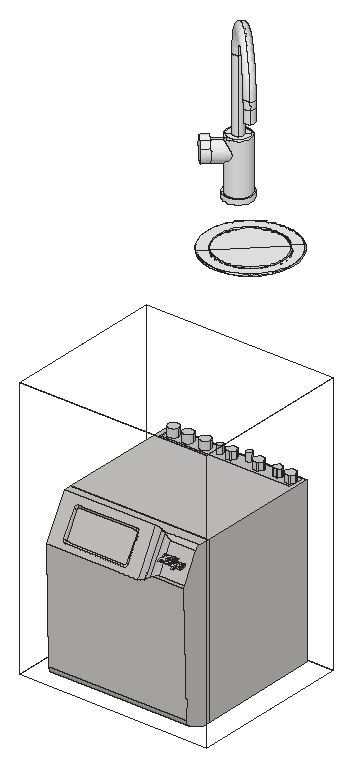
Revit family "PlumFixt_Zip Australia_Design Arc_BA", category Plumbing Fixtures, Revit 2015
Parameters (values of type "Bright Chrome")
  Waste Outlet Void = if(Font, -200 mm, 50 mm)  # -200 mm
  Waste Connection = yes
  UnderBench Top Offset [instance] = 800 mm
  UnderBench Left & Right Offset [instance] = 0 mm
  UnderBench Front & Back Offset [instance] = 0 mm
  URL = "https://www.zipwater.com"
  Type Comments = "HydroTap Arc BA - Bright Chrome"
  Tap Rotation [instance] = 45.00°
  Tap = z_PlumFixt_Zip Australia_Arc : Bright Chrome
  Required Space = yes
  Offset Right [instance] = if(UnderBench Left & Right Offset > 0 mm, UnderBench Left & Right Offset, 0 mm)  # 0 mm
  Offset Left [instance] = if(UnderBench Left & Right Offset < 0 mm, abs(UnderBench Left & Right Offset), 0 mm)  # 0 mm
  Offset Forward [instance] = if(UnderBench Front & Back Offset > 0 mm, UnderBench Front & Back Offset, 0 mm)  # 0 mm
  Offset Back [instance] = if(UnderBench Front & Back Offset < 0 mm, abs(UnderBench Front & Back Offset), 0 mm)  # 0 mm
  ModifiedIssue_ANZRS = 20171207
  Model = "HT2785 - Bright Chrome"
  Manufacturer_URL__Product Specific = "https://www.zipwater.com/shop/hydrotap/zip-hydrotap-arc-ba-ht2785"
  Manufacturer_Spec Code = "HT2785"
  Manufacturer_Overall Width = 280 mm  # constant formula
  Manufacturer_Overall Height = 333 mm  # constant formula
  Manufacturer_Overall Depth = 313 mm  # constant formula
  Manufacturer_Height From FFL [instance] = 900 mm
  Manufacturer = "Zip Australia"  # constant formula
  Font = yes
  Filter Material = z_Zip_Stainless Steel
  Connection Materials = none
  CW Connection = yes
  Description = "Zip HydroTap Design Range Boiling, Ambient, Filtered water appliance featuring a single under bench command centre including full colour interactive touch screen display with pin code protection, boiling water safety mode, 3 energy saving modes including sensor activated sleep when its dark and 0.2 micron water filtration."  # constant formula
  CreatedBy_ANZRS = "UNIFI Labs"  # constant formula
  CreatedByURL_ANZRS = "http://www.unifilabs.com/"
Reference planes
  plane 1 "Ref. Level": z = 0
  plane 2 "Center (Left/Right)": x = 1
  plane 3 "UnderBench Bottom": z = 100
  plane 4 "UnderBench Top": z = 433
  plane 5 "Placement Back Plane": y = 115.5
  plane 6 "Bottom": z = 900
  plane 7 "Top": z = 1253
  plane 8 "Forward Offset": y = 115.5
  plane 9 "Center (Front/Back)": y = -41
  plane 10 "Front": y = -197.5
  plane 11 "Left": x = -139
  plane 12 "Placement Plane Centre Left/Right": x = 1
  plane 13 "Right": x = 141
  plane 14 "Back": y = 115.5
  plane 15 "Centre Plane": x = 1
Forms (mm)
  Extrusion 1, void
    sketch origin (1, 115.5, 900) x (0.707107, -0.707107, 0) y (0.707107, 0.707107, 0)
      loop
        circle (172, 0) r 68.2
    from -200 <- "Waste Outlet Void" to 100
  Extrusion 2, void
    sketch origin (1, 115.5, 900) x (0.707107, -0.707107, 0) y (0.707107, 0.707107, 0)
      loop
        circle (0, 0) r 24
    from -200 to 100
Lines and regions (mm)
  symbolic lines, style "Required Space"
    curve 1: line (1, 120.5, 633) -> (1, -203.33, 633)
    curve 2: line (1, 120.5, 100) -> (1, 120.5, 633)
    curve 3: line (1, -203.33, 100) -> (1, 120.5, 100)
    curve 4: line (1, -203.33, 633) -> (1, -203.33, 100)
  reference lines
    curve 5: line (1, 115.5, 900) -> (181.312, -64.812, 900)
Text (mm)
  text "Disclaimer:\n\nDue to ongoing product development and manufacturing evolution, product details are subject to change without notice.\n\nPlease refer to product technical data sheets on https://www.zipwater.com/ for the most current product information. Please allow a +/- 5mm tolerance for dimensions and set-outs shown in product literature.\n\n© 2018 Zip Water Australia" at (273.375, 120.476, 0), in view "Ref. Level_Instruction"
Dimensions and locks
  "Manufacturer_Height From FFL": plane 6 "Bottom" to plane 1 "Ref. Level"
  plane 7 "Top" to plane 6 "Bottom" = 353 mm
  "UnderBench Top Offset": plane 6 "Bottom" to plane 3 "UnderBench Bottom"
  "Manufacturer_Overall Height": plane 4 "UnderBench Top" to plane 3 "UnderBench Bottom"
  "Manufacturer_Overall Width": plane 11 "Left" to plane 13 "Right"
  equal spacing: plane 14 "Back", plane 9 "Center (Front/Back)", plane 10 "Front"
  "Manufacturer_Overall Depth": plane 14 "Back" to plane 10 "Front"
  "Offset Back": plane 14 "Back" to plane 8 "Forward Offset"
  "Offset Forward": plane 5 "Placement Back Plane" to plane 8 "Forward Offset"
  "Offset Right": plane 2 "Center (Left/Right)" to plane 12 "Placement Plane Centre Left/Right"
  "Offset Left": plane 15 "Centre Plane" to plane 12 "Placement Plane Centre Left/Right"
  equal spacing: plane 11 "Left", plane 15 "Centre Plane", plane 13 "Right"
  "Tap Rotation": angle plane 2 "Center (Left/Right)" to curve 5
  aligned and locked: plane 5 "Placement Back Plane" to curve 5
  aligned and locked: plane 2 "Center (Left/Right)" to curve 5
  aligned and locked: curve 5 to nested 1
  aligned and locked: plane 3 "UnderBench Bottom" to nested 2
  aligned and locked: plane 9 "Center (Front/Back)" to nested 2
  aligned and locked: plane 15 "Centre Plane" to nested 2
  aligned and locked: nested 2 to curve 1
Automatic sketch dimensions
  curve 3 to plane 3 "UnderBench Bottom" = 0 mm
  plane 5 "Placement Back Plane" to curve 3 = 5 mm
  curve 4 to plane 5 "Placement Back Plane" = 318.83 mm
  curve 5 to Extrusion 1 sketch curve = 0 mm
  Extrusion 1 sketch curve to curve 5 = 83 mm
  Extrusion 2 sketch curve to curve 5 = 0 mm  (x2)
  radius of Extrusion 1 sketch curve = 68.2 mm
  radius of Extrusion 2 sketch curve = 24 mm
Nested families
  nested 1: "z_PlumFixt_Zip Australia_Arc" at (50.144, 40.9, 900) x (0.7071, 0.7071, 0) z (0, 0, 1), type <- "Tap", Font <- "Font", type "Bright Chrome"
    with Waste Outlet Void -50 mm, Font yes
  nested 2: "z_PlumFixt_Zip_Classic-Design_BA" at (0, 0, 100), type "280w x 313d x 333h"
  nested 3: "z_PlumFixt_Zip Australia_Font" at (132.522, -17.436, 900) x (0.7071, 0.7071, 0) z (0, 0, 1), type "Bright Chrome"
Connectors
  piping at (-116.338, 96.505, 448), diameter 12.7, driven by "CW Connection"
    settings: on nested 2, index 1, connector inside diameter 609.6 mm, connector length 0 mm, flow factor 0, pipe flow 0.0 L/s, pressure drop 0.0 Pa, fitting loss kfactor 0, connector angle 0.00°, fixture units 0, engagement length 0 mm, angle of deflection 0.00°, flow configuration 2, flow direction 1, fitting loss method 4, system type 20, joint type 0, gender type 0, connector reference index -1, connector utility 1, adjustable connector no, is connector primary yes, connector description "Cold Water Supply"
  electrical at (122.962, 96.16, 448)
    settings: on nested 2, index 2, voltage 240 V, apparent load 0 VA, apparent load phase1 0 VA, apparent load phase2 0 VA, apparent load phase3 0 VA, power factor 1, load classification "Other", number of poles 1, system type 30, power factor state 1, is connector primary yes, connector utility no, sub classification motor no, connector description "Electrical Connection"
Definition of nested family "z_PlumFixt_Zip Australia_Arc"
  Parameters (values of type "Bright Chrome")
    Waste Outlet Void [instance] = if(Font, -50 mm, 50 mm)  # -50 mm
    Waste Connection = no
    Vent Connection = no
    URL = "https://www.zipwater.com/"
    Type Comments = ""
    ModifiedIssue_ANZRS = 20170718
    Model = "Bright Chrome - Z0"
    Manufacturer_URL__Product Specific = "https://www.zipwater.com/products/hydrotap-range"
    Manufacturer_Spec Code = "Z0"
    Manufacturer_Overall Width = 90 mm  # constant formula
    Manufacturer_Overall Height = 353 mm  # constant formula
    Manufacturer_Overall Depth = 200 mm  # constant formula
    Manufacturer = "Zip Australia"  # constant formula
    HW Connection = yes
    Font Type = z_PlumFixt_Zip Australia_Font : Bright Chrome
    Font [instance] = yes
    Description = ""
    Default Elevation = 0 mm
    CreatedBy_ANZRS = "UNIFI Labs"  # constant formula
    CreatedByURL_ANZRS = "http://www.unifilabs.com/"
    Fixture Material = none
    CW Connection = yes
  Types (12, lengths in mm): name | Model | Manufacturer_Spec Code | Font Type
    Bright Chrome | "Bright Chrome - Z0" | "Z0" | z_PlumFixt_Zip Australia_Font : Bright Chrome
    Brushed Chrome | "Brushed Chrome  - Z1" | "Z1" | z_PlumFixt_Zip Australia_Font : Brushed Chrome
    Gloss Black | "Gloss Black  - Z2" | "Z2" | z_PlumFixt_Zip Australia_Font : Gloss Black
    Matte Black | "Matte Black  - Z3" | "Z3" | z_PlumFixt_Zip Australia_Font : Matte Black
    Rose Gold | "Rose Gold  - Z4" | "Z4" | z_PlumFixt_Zip Australia_Font : Rose Gold
    Brushed Rose Gold | "Brushed Rose Gold - Z5" | "Z5" | z_PlumFixt_Zip Australia_Font : Brushed Rose Gold
    Gold | "Gold - Z6" | "Z6" | z_PlumFixt_Zip Australia_Font : Gold
    Brushed Gold | "Brushed Gold - Z7" | "Z7" | z_PlumFixt_Zip Australia_Font : Brushed Gold
    Platinum | "Platinum - Z8" | "Z8" | z_PlumFixt_Zip Australia_Font : Platinum
    Gunmetal | "Gunmetal - Z9" | "Z9" | z_PlumFixt_Zip Australia_Font : Gunmetal
    Nickel | "Nickel - Z10" | "Z10" | z_PlumFixt_Zip Australia_Font : Nickel
    Brushed Nickel | "Brushed Nickel - Z11" | "Z11" | z_PlumFixt_Zip Australia_Font : Brushed Nickel
  Reference planes
    plane 1 "Ref. Level": z = 0
    plane 2 "Center (Left/Right)": x = 18
    plane 3 "Right": x = 46
    plane 4 "Left": x = -44
    plane 5 "Bottom": z = 0
    plane 6 "Top": z = 353
    plane 7 "Center (Front/Back)": y = 15.5
    plane 8 "Front": y = -84.5
    plane 9 "Center of Tap": y = 87.5
    plane 10 "Back": y = 115.5
    plane 11 "Center (Elevation)": z = 115
  Forms (mm)
    Revolve 1, solid, material <- "Fixture Material"
      sketch origin (0, 87.5, 0) x (-1, 0, 0) y (0, 0, 1)
        loop
          line (-18, 0) -> (-18, 115) -> (-40, 115)
          arc (-40, 115) -> (-41.414, 114.414) -> (-42, 113) r 2
          line (-42, 113) -> (-42, 10) -> (-46, 10) -> (-46, 0) -> (-18, 0)
        axis (-18, 0) -> (-18, 115)
      angle from 0 to 360
    Sweep 2, solid, material <- "Fixture Material"
      path origin (18, 0, 0) x (0, 1, 0) y (0, 0, 1)
        loop
          line (87.5, 115) -> (87.5, 262.756)
          arc (87.5, 262.756) -> (9.498, 342.771) -> (-72.478, 266.832) r 80.041
          line (-72.478, 266.832) -> (-73.205, 252.565)
      profile origin (18, 87.5, 188.878) x (0, -1, 0) y (1, 0, 0)
        loop
          circle (0, 0) r 10
    Revolve 3, solid, material <- "Fixture Material"
      sketch origin (18, 0, 2.317) x (0, 1, 0) y (0, 0, 1)
        loop
          line (-73.205, 250.248) -> (-74.602, 222.864) -> (-69.611, 222.609) -> (-69.519, 224.421) -> (-64.529, 224.167) -> (-63.301, 248.241) -> (-64.3, 248.292) -> (-64.224, 249.79) -> (-73.205, 250.248)
        axis (-74.602, 222.864) -> (-73.205, 250.248)
      angle from 0 to 360
    Sweep 4, solid, material <- "Fixture Material"
      path origin (0, 87.5, 0) x (-1, 0, 0) y (0, 0, 1)
        loop
          line (44, 85) -> (29, 85)
      profile origin (-36.5, 87.5, 85) x (0, 0, -1) y (0, 1, 0)
        loop
          line (-13.98, 16.906) -> (-25.119, 9.266)
          arc (-25.119, 9.266) -> (-30, 0) -> (-25.119, -9.266) r 11.236
          line (-25.119, -9.266) -> (-13.98, -16.906)
          arc (-13.98, -16.906) -> (18.115, 0) -> (-13.98, 16.906) r 20.5
    Revolve 5, solid, material <- "Fixture Material"
      sketch origin (0, 87.5, 0) x (-1, 0, 0) y (0, 0, 1)
        loop
          line (29, 86.885) -> (29, 105.43) -> (27.498, 105.43) -> (27.498, 106.885) -> (-18, 106.885) -> (-18, 86.885) -> (29, 86.885)
        axis (29, 86.885) -> (-18, 86.885)
      angle from 0 to 360
    Extrusion 6, solid, material <- "Fixture Material"
      sketch origin (0, 0, 0) x (-1, 0, 0) y (0, -1, 0)
        loop
          circle (-10.65, -87.5) r 6.35
        loop
          circle (-25.35, -87.5) r 6.35
      from 0 to -1
  Lines and regions (mm)
    Masking region 1
      outline origin (0, 0, 0) x (1, 0, 0) y (0, 1, 0)
        loop
          line (-1.596, 107.5) -> (-27.498, 107.5) -> (-27.498, 106.045) -> (-29, 106.045) -> (-29, 108) -> (-44, 108) -> (-44, 67) -> (-29, 67) -> (-29, 68.955) -> (-27.498, 68.955) -> (-27.498, 67.5) -> (-1.596, 67.5)
          arc (-1.596, 67.5) -> (2.886, 63.93) -> (8, 61.347) r 28
          line (8, 61.347) -> (8, -74.499)
          arc (8, -74.499) -> (18, -84.499) -> (28, -74.499) r 10
          line (28, -74.499) -> (28, 61.347)
          arc (28, 61.347) -> (41.57, 102.614) -> (-1.596, 107.5) r 28
    Masking region 2
      outline origin (0, -84.5, 0) x (-1, 0, 0) y (0, 0, 1)
        loop
          line (10, 2.756) -> (10, 10) -> (6, 10) -> (6, 66.885) -> (27.498, 66.885) -> (27.498, 68.34) -> (29, 68.34) -> (29, 66.885) -> (44, 66.885) -> (44, 115) -> (29, 115) -> (29, 105.43) -> (27.498, 105.43) -> (27.498, 106.885) -> (6, 106.885) -> (6, 113)
          arc (6, 113) -> (5.414, 114.414) -> (4, 115) r 2
          line (4, 115) -> (-8, 115) -> (-8, 343)
          arc (-8, 343) -> (-18, 353) -> (-28, 343) r 10
          line (-28, 343) -> (-28, 115) -> (-40, 115)
          arc (-40, 115) -> (-41.414, 114.414) -> (-42, 113) r 2
          line (-42, 113) -> (-42, 10) -> (-46, 10) -> (-46, 2.756) -> (10, 2.756)
    Masking region 3
      outline origin (-44, 0, 0) x (0, -1, 0) y (0, 0, 1)
        loop
          line (-59.5, 0) -> (-59.5, 10) -> (-63.5, 10) -> (-63.5, 113)
          arc (-63.5, 113) -> (-64.086, 114.414) -> (-65.5, 115) r 2
          line (-65.5, 115) -> (-77.5, 115) -> (-77.5, 262.835)
          arc (-77.5, 262.835) -> (-9.245, 332.851) -> (62.487, 266.402) r 70.039
          line (62.487, 266.402) -> (63.218, 252.056) -> (64.224, 252.107) -> (64.3, 250.609) -> (63.301, 250.558) -> (64.529, 226.484) -> (69.519, 226.739) -> (69.611, 224.927) -> (79.592, 225.436) -> (79.499, 227.247) -> (84.49, 227.502) -> (83.262, 251.576) -> (82.263, 251.525) -> (82.187, 253.023) -> (83.192, 253.075) -> (82.457, 267.491)
          arc (82.457, 267.491) -> (-9.756, 352.913) -> (-97.5, 262.906) r 90.037
          line (-97.5, 262.906) -> (-97.5, 115) -> (-109.5, 115)
          arc (-109.5, 115) -> (-110.914, 114.414) -> (-111.5, 113) r 2
          line (-111.5, 113) -> (-111.5, 10) -> (-115.5, 10) -> (-115.5, 0) -> (-59.5, 0)
    symbolic lines, detail levels fine
      curve 1: line (-29, 106.045, 0) -> (-29, 68.955, 0)
      curve 6: arc (28, 65.683, 0) -> (18, 111.5, 0) -> (8, 65.683, 0) r 24
      curve 7: arc (8, -74.499, 0) -> (18, -82.57, 0) -> (28, -74.499, 0) r 10.231
      curve 8: line (-29, -84.5, 105.43) -> (-29, -84.5, 68.34)
      curve 10: arc (-6, -84.5, 106.885) -> (1.639, -84.5, 86.885) -> (-6, -84.5, 66.885) r 30
      curve 11: line (8, -84.5, 115) -> (28, -84.5, 115)
      curve 13: line (9.017, -84.5, 250.955) -> (9.017, -84.5, 252.662)
      curve 15: spline (13.003, -84.5, 225.181) -> (13.174, -84.5, 225.115) -> (13.673, -84.5, 225.054) -> (14.467, -84.5, 225.001) -> (15.502, -84.5, 224.961) -> (16.707, -84.5, 224.936) -> (18, -84.5, 224.927) -> (19.293, -84.5, 224.936) -> (20.498, -84.5, 224.961) -> (21.533, -84.5, 225.001) -> (22.327, -84.5, 225.054) -> (22.826, -84.5, 225.115) -> (22.997, -84.5, 225.181) -> (22.826, -84.5, 225.247) -> (22.327, -84.5, 225.309) -> (21.533, -84.5, 225.361) -> (20.498, -84.5, 225.402) -> (19.293, -84.5, 225.427) -> (18, -84.5, 225.436) -> (16.707, -84.5, 225.427) -> (15.502, -84.5, 225.402) -> (14.467, -84.5, 225.361) -> (13.673, -84.5, 225.309) -> (13.174, -84.5, 225.247) -> (13.003, -84.5, 225.181)
      curve 16: line (13.003, -84.5, 225.181) -> (13.003, -84.5, 226.973)
      curve 17: line (22.997, -84.5, 225.181) -> (22.997, -84.5, 226.973)
      curve 19: line (-44, 97.5, 115) -> (-44, 77.5, 115)
      curve 24: line (-44, -64.224, 252.107) -> (-44, -82.187, 253.023)
      curve 25: line (-44, -64.3, 250.609) -> (-44, -82.263, 251.525)
      curve 26: line (-44, -69.519, 226.739) -> (-44, -79.499, 227.247)
      curve 27: arc (8, -84.5, 252.563) -> (18, -84.5, 253.075) -> (28, -84.5, 252.563) r 97.951
      curve 28: arc (8, -84.5, 251.05) -> (18, -84.5, 250.558) -> (28, -84.5, 251.05) r 102.026
      curve 29: line (26.983, -84.5, 250.955) -> (26.983, -84.5, 252.662)
      curve 30: arc (13.003, -84.5, 226.973) -> (18, -84.5, 227.247) -> (22.997, -84.5, 226.973) r 45.701
      curve 32: line (-1.596, 107.5, 0) -> (4.734, 107.5, 0)
      curve 33: line (-1.596, 67.5, 0) -> (4.734, 67.5, 0)
    symbolic lines, detail levels medium+fine
      curve 2: line (-27.498, 106.045, 0) -> (-27.498, 68.955, 0)
      curve 3: line (8, 61.347, 0) -> (8, 87.5, 0)
      curve 4: line (28, 61.347, 0) -> (28, 87.5, 0)
      curve 5: arc (8, 87.5, 0) -> (18, 97.5, 0) -> (28, 87.5, 0) r 10
      curve 9: line (-27.498, -84.5, 105.43) -> (-27.498, -84.5, 68.34)
      curve 12: line (-6, -84.5, 10) -> (42, -84.5, 10)
      curve 14: spline (22.997, -84.5, 226.552) -> (26.186, -84.5, 226.701) -> (27.842, -84.5, 226.905) -> (27.653, -84.5, 227.125) -> (25.655, -84.5, 227.32) -> (22.223, -84.5, 227.454) -> (18, -84.5, 227.502) -> (13.777, -84.5, 227.454) -> (10.345, -84.5, 227.32) -> (8.347, -84.5, 227.125) -> (8.158, -84.5, 226.905) -> (9.814, -84.5, 226.701) -> (13.003, -84.5, 226.552)
      curve 18: line (-44, 111.5, 10) -> (-44, 63.5, 10)
      curve 20: arc (-44, 104.406, 98.98) -> (-44, 87.5, 66.885) -> (-44, 70.594, 98.98) r 20.5
      curve 21: line (-44, 70.594, 98.98) -> (-44, 78.234, 110.119)
      curve 22: arc (-44, 78.234, 110.119) -> (-44, 87.5, 115) -> (-44, 96.766, 110.119) r 11.236
      curve 23: line (-44, 96.766, 110.119) -> (-44, 104.406, 98.98)
    symbolic lines, detail levels medium
      curve 31: arc (22.997, -84.5, 226.552) -> (18, -84.5, 226.499) -> (13.003, -84.5, 226.552) r 236.588
  Dimensions and locks
    plane 5 "Bottom" to plane 1 "Ref. Level" = 0 mm
    plane 4 "Left" to plane 2 "Center (Left/Right)" to plane 3 "Right" = 62 mm, 28 mm
    "Manufacturer_Overall Width": plane 4 "Left" to plane 3 "Right"
    "Manufacturer_Overall Depth": plane 10 "Back" to plane 8 "Front"
    equal spacing: plane 10 "Back", plane 7 "Center (Front/Back)", plane 8 "Front"
    plane 10 "Back" to plane 9 "Center of Tap" = 28 mm
    "Manufacturer_Overall Height": plane 6 "Top" to plane 5 "Bottom"
    plane 11 "Center (Elevation)" to plane 5 "Bottom" = 115 mm
    aligned and locked: plane 2 "Center (Left/Right)" to nested 1
    aligned and locked: plane 8 "Front" to nested 1
  Automatic sketch dimensions
    plane 3 "Right" to Revolve 1 sketch curve = 0 mm
    Revolve 1 sketch curve to plane 11 "Center (Elevation)" = 0 mm  (x2)
    Revolve 1 sketch curve to plane 2 "Center (Left/Right)" = 0 mm  (x2)
    Revolve 1 sketch curve to plane 5 "Bottom" = 0 mm
    plane 3 "Right" to Revolve 1 sketch curve = 4 mm
    Revolve 1 sketch curve to Revolve 1 sketch curve = 2 mm
    Revolve 1 sketch curve to Revolve 1 sketch curve = 10 mm
    Revolve 1 sketch curve to Revolve 1 sketch curve = 5 mm
    Sweep 2 sketch curve to plane 2 "Center (Left/Right)" = 0 mm
    Sweep 2 sketch curve to profile plane = 0 mm
    plane 4 "Left" to Sweep 4 sketch curve = 0 mm
    Sweep 4 sketch curve to plane 4 "Left" = 15 mm
    Sweep 4 sketch curve to plane 11 "Center (Elevation)" = 30 mm
    Sweep 4 sketch curve to plane 9 "Center of Tap" = 0 mm  (x2)
    profile plane to Sweep 4 sketch curve = 2.385 mm
    profile plane to Sweep 4 sketch curve = 13.98 mm  (x2)
    profile plane to Sweep 4 sketch curve = 18.764 mm
    Sweep 4 sketch curve to plane 9 "Center of Tap" = 9.266 mm
    Sweep 4 sketch curve to Sweep 4 sketch curve = 6.355 mm
    plane 9 "Center of Tap" to Sweep 4 sketch curve = 9.266 mm
    Sweep 4 sketch curve to Sweep 4 sketch curve = 7.64 mm
    Revolve 5 sketch curve to plane 2 "Center (Left/Right)" = 0 mm  (x2)
    Revolve 5 sketch curve to plane 4 "Left" = 16.502 mm
    Revolve 5 sketch curve to plane 4 "Left" = 15 mm
    Revolve 5 sketch curve to plane 11 "Center (Elevation)" = 28.115 mm
    Revolve 5 sketch curve to Revolve 5 sketch curve = 18.545 mm
    Revolve 5 sketch curve to Revolve 5 sketch curve = 20 mm
    Revolve 5 sketch curve to Revolve 5 sketch curve = 2.51 mm
    Revolve 5 sketch curve to Revolve 5 sketch curve = 0 mm
    Extrusion 6 sketch curve to plane 9 "Center of Tap" = 0 mm  (x2)
    plane 2 "Center (Left/Right)" to Extrusion 6 sketch curve = 7.35 mm
    Extrusion 6 sketch curve to plane 2 "Center (Left/Right)" = 7.35 mm
    Masking region 1 sketch curve to Masking region 1 sketch curve = 0 mm  (x2)
    Masking region 1 sketch curve to plane 4 "Left" = 0 mm
    Masking region 1 sketch curve to plane 2 "Center (Left/Right)" = 0 mm  (x2)
    Masking region 1 sketch curve to plane 9 "Center of Tap" = 0 mm
    Masking region 1 sketch curve to Masking region 1 sketch curve = 15 mm
    Masking region 1 sketch curve to plane 4 "Left" = 15 mm
    Masking region 1 sketch curve to Masking region 1 sketch curve = 1.502 mm  (x2)
    Masking region 1 sketch curve to plane 2 "Center (Left/Right)" = 19.596 mm  (x2)
    Masking region 1 sketch curve to plane 10 "Back" = 8 mm
    Masking region 1 sketch curve to plane 9 "Center of Tap" = 18.545 mm
    Masking region 1 sketch curve to plane 9 "Center of Tap" = 20 mm
    Masking region 1 sketch curve to Masking region 1 sketch curve = 0.5 mm
    plane 8 "Front" to Masking region 1 sketch curve = 10.001 mm
    Masking region 1 sketch curve to Masking region 1 sketch curve = 1.455 mm
    Masking region 1 sketch curve to plane 10 "Back" = 7.5 mm
    plane 2 "Center (Left/Right)" to Masking region 1 sketch curve = 10 mm
    plane 3 "Right" to Masking region 2 sketch curve = 0 mm
    Masking region 2 sketch curve to plane 11 "Center (Elevation)" = 0 mm  (x3)
    Masking region 2 sketch curve to plane 2 "Center (Left/Right)" = 0 mm
    plane 5 "Bottom" to Masking region 2 sketch curve = 2.756 mm
    plane 4 "Left" to Masking region 2 sketch curve = 0 mm
    plane 3 "Right" to Masking region 2 sketch curve = 4 mm
    Masking region 2 sketch curve to plane 11 "Center (Elevation)" = 2 mm  (x2)
    plane 2 "Center (Left/Right)" to Masking region 2 sketch curve = 10 mm
    Masking region 2 sketch curve to Masking region 2 sketch curve = 12 mm
    plane 5 "Bottom" to Masking region 2 sketch curve = 10 mm  (x2)
    Masking region 2 sketch curve to plane 2 "Center (Left/Right)" = 24 mm
    Masking region 2 sketch curve to Masking region 2 sketch curve = 4 mm
    Masking region 2 sketch curve to plane 4 "Left" = 16.502 mm  (x2)
    Masking region 2 sketch curve to Masking region 2 sketch curve = 1.502 mm  (x2)
    Masking region 2 sketch curve to plane 11 "Center (Elevation)" = 48.115 mm
    Masking region 2 sketch curve to Masking region 2 sketch curve = 0 mm
    Masking region 2 sketch curve to Masking region 2 sketch curve = 1.455 mm  (x2)
    Masking region 2 sketch curve to plane 11 "Center (Elevation)" = 9.57 mm
    Masking region 2 sketch curve to plane 6 "Top" = 10 mm
    Sweep 2 sketch curve to plane 9 "Center of Tap" = 0 mm
    Sweep 2 sketch curve to plane 11 "Center (Elevation)" = 0 mm
    Sweep 2 sketch curve to plane 7 "Center (Front/Back)" = 8.041 mm
    plane 8 "Front" to Sweep 2 sketch curve = 12.022 mm
    Sweep 2 sketch curve to plane 6 "Top" = 90.244 mm
    plane 8 "Front" to Sweep 2 sketch curve = 11.295 mm
    Sweep 2 sketch curve to Sweep 2 sketch curve = 14.267 mm
    plane 8 "Front" to Revolve 3 sketch curve = 9.898 mm
    plane 8 "Front" to Revolve 3 sketch curve = 11.295 mm
    Revolve 3 sketch curve to Revolve 3 sketch curve = 4.99 mm  (x2)
    Revolve 3 sketch curve to Revolve 3 sketch curve = 0.092 mm
    plane 11 "Center (Elevation)" to Revolve 3 sketch curve = 109.927 mm
    Revolve 3 sketch curve to Revolve 3 sketch curve = 0.254 mm
    plane 8 "Front" to Revolve 3 sketch curve = 12.304 mm
    Revolve 3 sketch curve to Revolve 3 sketch curve = 0.255 mm
    Revolve 3 sketch curve to Revolve 3 sketch curve = 19.801 mm
    Revolve 3 sketch curve to Revolve 3 sketch curve = 4.994 mm
    Revolve 3 sketch curve to Revolve 3 sketch curve = 1.956 mm
    Revolve 3 sketch curve to Revolve 3 sketch curve = 0.999 mm
    curve 19 to plane 11 "Center (Elevation)" = 0 mm
    curve 22 to plane 9 "Center of Tap" = 0 mm
    curve 20 to plane 9 "Center of Tap" = 0 mm
    plane 9 "Center of Tap" to curve 23 = 9.266 mm
    curve 23 to plane 10 "Back" = 11.094 mm
    curve 21 to plane 11 "Center (Elevation)" = 4.881 mm
    curve 21 to plane 9 "Center of Tap" = 9.266 mm
    curve 22 to curve 21 = 7.64 mm
    curve 22 to curve 21 = 6.355 mm
    curve 23 to curve 23 = 11.139 mm
    curve 20 to curve 22 = 16.379 mm
    curve 19 to curve 23 = 0.734 mm
    curve 18 to plane 10 "Back" = 4 mm
    curve 22 to curve 19 = 0.734 mm
    plane 5 "Bottom" to curve 18 = 10 mm
    curve 18 to plane 9 "Center of Tap" = 24 mm
    plane 8 "Front" to curve 24 = 20.276 mm
    curve 24 to curve 25 = 0.076 mm  (x2)
    plane 8 "Front" to curve 26 = 14.981 mm
    plane 8 "Front" to curve 26 = 5.001 mm
    plane 8 "Front" to curve 24 = 2.313 mm
    plane 11 "Center (Elevation)" to curve 26 = 111.739 mm
    curve 26 to curve 26 = 0.509 mm
    curve 26 to curve 25 = 23.871 mm
    curve 25 to curve 25 = 0.916 mm
    curve 25 to curve 24 = 1.498 mm  (x2)
    Masking region 3 sketch curve to plane 5 "Bottom" = 0 mm
    Masking region 3 sketch curve to plane 10 "Back" = 0 mm
    Masking region 3 sketch curve to plane 11 "Center (Elevation)" = 0 mm  (x2)
    Masking region 3 sketch curve to plane 10 "Back" = 4 mm
    Masking region 3 sketch curve to Masking region 3 sketch curve = 2 mm
    plane 9 "Center of Tap" to Masking region 3 sketch curve = 10 mm
    Masking region 3 sketch curve to plane 9 "Center of Tap" = 10 mm
    Masking region 3 sketch curve to plane 11 "Center (Elevation)" = 2 mm
    Masking region 3 sketch curve to Masking region 3 sketch curve = 12 mm
    Masking region 3 sketch curve to Masking region 3 sketch curve = 4 mm
    Masking region 3 sketch curve to plane 7 "Center (Front/Back)" = 8.037 mm
    Masking region 3 sketch curve to Masking region 3 sketch curve = 0.002 mm
    plane 8 "Front" to Masking region 3 sketch curve = 22.013 mm
    Masking region 3 sketch curve to Masking region 3 sketch curve = 0.732 mm
    Masking region 3 sketch curve to Masking region 3 sketch curve = 0.083 mm
    Masking region 3 sketch curve to Masking region 3 sketch curve = 1.005 mm  (x2)
    Masking region 3 sketch curve to Masking region 3 sketch curve = 0.999 mm  (x2)
    plane 8 "Front" to Masking region 3 sketch curve = 19.971 mm
    Masking region 3 sketch curve to Masking region 3 sketch curve = 4.99 mm
    Masking region 3 sketch curve to Masking region 3 sketch curve = 0.092 mm  (x2)
    plane 8 "Front" to Masking region 3 sketch curve = 5.001 mm
    plane 8 "Front" to Masking region 3 sketch curve = 2.313 mm
    Masking region 3 sketch curve to Masking region 3 sketch curve = 0.076 mm
    plane 8 "Front" to Masking region 3 sketch curve = 2.043 mm
    plane 8 "Front" to Masking region 3 sketch curve = 0.01 mm
    plane 5 "Bottom" to Masking region 3 sketch curve = 10 mm  (x2)
    plane 11 "Center (Elevation)" to Masking region 3 sketch curve = 109.927 mm
    Masking region 3 sketch curve to Masking region 3 sketch curve = 0.509 mm
    curve 11 to plane 11 "Center (Elevation)" = 0 mm
    plane 2 "Center (Left/Right)" to curve 31 = 0 mm
    curve 14 to plane 2 "Center (Left/Right)" = 0 mm
    curve 27 to plane 2 "Center (Left/Right)" = 0 mm
    curve 28 to plane 2 "Center (Left/Right)" = 0 mm
    curve 30 to plane 2 "Center (Left/Right)" = 0 mm
    curve 15 to plane 2 "Center (Left/Right)" = 0 mm
    plane 2 "Center (Left/Right)" to curve 17 = 4.997 mm
    curve 10 to plane 4 "Left" = 15.639 mm
    curve 10 to plane 11 "Center (Elevation)" = 28.115 mm
    plane 11 "Center (Elevation)" to curve 27 = 40.124 mm
    curve 27 to curve 30 = 26.422 mm
    curve 30 to curve 17 = 45.427 mm
    curve 28 to plane 6 "Top" = 0.415 mm
    plane 6 "Top" to curve 31 = 110.088 mm
    plane 2 "Center (Left/Right)" to curve 29 = 8.983 mm
    curve 28 to curve 29 = 1.017 mm
    curve 27 to curve 29 = 1.017 mm
    plane 2 "Center (Left/Right)" to curve 11 = 10 mm
    plane 3 "Right" to curve 12 = 4 mm
    curve 13 to plane 2 "Center (Left/Right)" = 8.983 mm
    curve 30 to curve 14 = 4.997 mm
    curve 13 to curve 28 = 1.017 mm
    curve 11 to plane 2 "Center (Left/Right)" = 10 mm
    curve 13 to curve 27 = 1.017 mm
    plane 5 "Bottom" to curve 12 = 10 mm
    curve 12 to plane 2 "Center (Left/Right)" = 24 mm
    curve 10 to plane 2 "Center (Left/Right)" = 24 mm
    curve 10 to plane 11 "Center (Elevation)" = 8.115 mm
    curve 11 to curve 10 = 14 mm
    curve 9 to plane 4 "Left" = 16.502 mm
    curve 9 to curve 8 = 1.502 mm
    curve 9 to plane 11 "Center (Elevation)" = 9.57 mm
    curve 8 to curve 9 = 0 mm
    curve 8 to curve 10 = 18.545 mm
    curve 9 to curve 8 = 0 mm
    curve 17 to curve 17 = 1.792 mm
    curve 16 to curve 30 = 1.792 mm
    curve 15 to curve 16 = 0 mm
    curve 14 to curve 30 = 0.421 mm
    curve 31 to curve 14 = 0 mm
    curve 30 to curve 14 = 0.02 mm
    curve 14 to curve 13 = 23.962 mm
    curve 28 to curve 27 = 1.513 mm
    curve 5 to curve 6 = 0 mm  (x2)
    curve 5 to plane 9 "Center of Tap" = 0 mm
    curve 7 to plane 2 "Center (Left/Right)" = 0 mm
    curve 6 to plane 2 "Center (Left/Right)" = 0 mm
    curve 3 to plane 2 "Center (Left/Right)" = 10 mm
    plane 8 "Front" to curve 7 = 12.161 mm
    curve 7 to plane 2 "Center (Left/Right)" = 10 mm
    curve 33 to curve 6 = 3.266 mm
    curve 32 to plane 2 "Center (Left/Right)" = 13.266 mm
    curve 33 to curve 33 = 6.329 mm
    curve 32 to curve 32 = 6.329 mm
    curve 2 to plane 4 "Left" = 16.502 mm
    curve 1 to curve 2 = 1.502 mm
    plane 2 "Center (Left/Right)" to curve 7 = 10 mm
    curve 1 to plane 9 "Center of Tap" = 18.545 mm
    curve 1 to curve 2 = 0 mm  (x2)
    curve 4 to curve 6 = 4.336 mm
    curve 3 to curve 6 = 4.336 mm
    plane 8 "Front" to curve 7 = 10.001 mm
    curve 2 to plane 10 "Back" = 9.455 mm
    curve 32 to plane 10 "Back" = 8 mm
    radius of Sweep 2 sketch curve = 10 mm
    radius of Extrusion 6 sketch curve = 6.35 mm  (x2)
  Nested families
    nested 1: "z_PlumFixt_Zip Australia_Font" at (17, -99.5, 0), visible <- "Font", type <- "Font Type", type "Bright Chrome"
  Definition of nested family "z_PlumFixt_Zip Australia_Font"
    Parameters (values of type "Bright Chrome")
      Waste Connection = yes
      Vent Connection = no
      URL = "https://www.zipwater.com/"
      Type Comments = ""
      ModifiedIssue_ANZRS = 20180108
      Model = "93441 - Bright Chrome"
      Manufacturer_URL__Product Specific = "https://www.zipwater.com/shop/hydrotap-accessories/font-stand-alone-design-range-arc-cube-elite-nickel"
      Manufacturer_Spec Code = "93441"
      Manufacturer_Overall Width = 176 mm  # constant formula
      Manufacturer_Overall Height = 52 mm  # constant formula
      Manufacturer_Overall Depth = 176 mm  # constant formula
      Manufacturer = "Zip Australia"  # constant formula
      HW Connection = no
      Fixture Material = none
      Description = ""
      Default Elevation = 0 mm
      CreatedBy_ANZRS = "UNIFI Labs"  # constant formula
      CreatedByURL_ANZRS = "http://www.unifilabs.com/"
      CW Connection = no
    Types (12, lengths in mm): name | Model | Manufacturer_Spec Code
      Bright Chrome | "93441 - Bright Chrome" | "93441"
      Brushed Chrome | "93441Z1 - Brushed Chrome" | "93441Z1"
      Gloss Black | "93441Z2 - Gloss Black" | "93441Z2"
      Matte Black | "93441Z3 - Matte Black" | "93441Z3"
      Rose Gold | "93441Z4 - Rose Gold" | "93441Z4"
      Brushed Rose Gold | "93441Z5 - Brushed Rose Gold" | "93441Z5"
      Gold | "93441Z6 - Gold" | "93441Z6"
      Brushed Gold | "93441Z7 - Brushed Gold" | "93441Z7"
      Platinum | "93441Z8 - Platinum" | "93441Z8"
      Gunmetal | "93441Z9 - Gunmetal" | "93441Z9"
      Nickel | "93441Z10 - Nickel" | "93441Z10"
      Brushed Nickel | "93441Z11 - Brushed Nickel" | "93441Z11"
    Reference planes
      plane 1 "Ref. Level": z = 0
      plane 2 "Center (Left/Right)": x = 1
      plane 3 "Right": x = 89
      plane 4 "Left": x = -87
      plane 5 "Bottom": z = -49.244
      plane 6 "Top": z = 2.756
      plane 7 "Back": y = 103
      plane 8 "Center (Front/Back)": y = 15
      plane 9 "Front": y = -73
      plane 10 "Top of benchtop": z = 0
    Forms (mm)
      Revolve 1, solid, material <- "Fixture Material", detail levels fine
        sketch origin (0, 15, 0) x (-1, 0, 0) y (0, 0, 1)
          loop
            arc (87, 2.238) -> (86.848, 2.604) -> (86.482, 2.756) r 0.518
            line (86.482, 2.756) -> (65.186, 2.756)
            arc (65.186, 2.756) -> (64.832, 2.609) -> (64.686, 2.256) r 0.5
            line (64.686, 2.256) -> (64.686, 0.228)
            arc (64.686, 0.228) -> (64.492, -0.239) -> (64.025, -0.433) r 0.66
            line (64.025, -0.433) -> (54.875, -0.433)
            arc (54.875, -0.433) -> (34.072, -8.514) -> (12.214, -13.021) r 133.612
            arc (12.214, -13.021) -> (10.341, -13.802) -> (9.153, -15.446) r 3.733
            arc (9.153, -15.446) -> (8.93, -16.276) -> (8.855, -17.133) r 4.915
            line (8.855, -17.133) -> (8.855, -43.246) -> (9.918, -43.246) -> (9.918, -17.085)
            arc (9.918, -17.085) -> (10.424, -16.452) -> (11.179, -16.158) r 1.563
            arc (11.179, -16.158) -> (33.913, -11.683) -> (55.564, -3.431) r 136.611
            line (55.564, -3.431) -> (63.781, -3.431)
            arc (63.781, -3.431) -> (66.207, -2.426) -> (67.212, 0) r 3.431
            line (67.212, 0) -> (87, 0) -> (87, 2.238)
          axis (-1, 2.756) -> (-1, -43.246)
        angle from 0 to 360
      Revolve 2, solid, material <- "Fixture Material", detail levels fine
        sketch origin (0, 15, 0) x (-1, 0, 0) y (0, 0, 1)
          loop
            line (-1, 2.656) -> (-65.366, 2.656)
            arc (-65.366, 2.656) -> (-66.644, 1.378) -> (-65.366, 0.1) r 1.278
            line (-65.366, 0.1) -> (-1, 0.1) -> (-1, 2.656)
          axis (-1, 2.656) -> (-1, 0.1)
        angle from 0 to 360
      Extrusion 3, solid, material <- "Fixture Material", detail levels coarse+medium
        sketch origin (0, 0, 0) x (0, 1, 0) y (-1, 0, 0)
          loop
            circle (15, -1) r 88
        from 0 to 2.756
      Revolve 4, solid, material <- "Fixture Material", detail levels coarse+medium
        sketch origin (0, 15, 0) x (-1, 0, 0) y (0, 0, 1)
          loop
            line (67.212, -3.431) -> (67.212, 0) -> (-1, 0) -> (-1, -43.246) -> (9.918, -43.246) -> (9.918, -16.291)
            arc (9.918, -16.291) -> (33.303, -11.857) -> (55.564, -3.431) r 136.611
            line (55.564, -3.431) -> (67.212, -3.431)
          axis (-1, 0) -> (-1, -43.246)
        angle from 0 to 360
    Lines and regions (mm)
      Masking region 1
        outline origin (0, 0, 2.756) x (0, 1, 0) y (-1, 0, 0)
          loop
            circle (15, -1) r 88
      Masking region 2
        outline origin (0, -73, 0) x (-1, 0, 0) y (0, 0, 1)
          loop
            line (87, 2.756) -> (-89, 2.756) -> (-89, 0) -> (87, 0) -> (87, 2.756)
      Masking region 3
        outline origin (-87, 0, 0) x (0, -1, 0) y (0, 0, 1)
          loop
            line (73, 2.756) -> (-103, 2.756) -> (-103, 0) -> (73, 0) -> (73, 2.756)
      symbolic lines, detail levels medium+fine
        curve 1: circle (1, 15, 2.756) r 65.635 normal (0, 0, 1)
      model lines, detail levels coarse+medium
        curve 2: circle (1, 15, 2.756) r 65.635 normal (0, 0, 1)
    Dimensions and locks
      plane 10 "Top of benchtop" to plane 1 "Ref. Level" = 0 mm
      "Manufacturer_Overall Width": plane 4 "Left" to plane 3 "Right"
      "Manufacturer_Overall Depth": plane 7 "Back" to plane 9 "Front"
      equal spacing: plane 4 "Left", plane 2 "Center (Left/Right)", plane 3 "Right"
      equal spacing: plane 7 "Back", plane 8 "Center (Front/Back)", plane 9 "Front"
      "Manufacturer_Overall Height": plane 6 "Top" to plane 5 "Bottom"
      locked: plane 6 "Top" to plane 10 "Top of benchtop" at 2.756
      aligned and locked: plane 6 "Top" to Extrusion 3
      aligned and locked: plane 2 "Center (Left/Right)" to Revolve 4 sketch curve  (x2)
      aligned and locked: plane 10 "Top of benchtop" to Revolve 4 sketch curve
    Automatic sketch dimensions
      Revolve 2 sketch curve to plane 2 "Center (Left/Right)" = 0 mm  (x2)
      Revolve 2 sketch curve to plane 6 "Top" = 0.1 mm
      plane 3 "Right" to Revolve 2 sketch curve = 23.634 mm
      Revolve 2 sketch curve to Revolve 2 sketch curve = 1.278 mm
      Revolve 2 sketch curve to plane 5 "Bottom" = 10.902 mm
      plane 6 "Top" to Revolve 2 sketch curve = 2.098 mm
      plane 3 "Right" to Masking region 2 sketch curve = 0 mm
      plane 4 "Left" to Masking region 2 sketch curve = 0 mm
      Masking region 2 sketch curve to plane 6 "Top" = 0 mm
      Masking region 3 sketch curve to plane 6 "Top" = 0 mm
      Masking region 3 sketch curve to plane 7 "Back" = 0 mm
      Masking region 3 sketch curve to plane 9 "Front" = 0 mm
      Masking region 1 sketch curve to Masking region 1 sketch curve = 0 mm  (x2)
      Masking region 1 sketch curve to plane 3 "Right" = 0 mm
      Masking region 1 sketch curve to plane 8 "Center (Front/Back)" = 0 mm
      Masking region 1 sketch curve to plane 2 "Center (Left/Right)" = 0 mm
      Masking region 2 sketch curve to plane 6 "Top" = 2.756 mm
      Masking region 3 sketch curve to plane 10 "Top of benchtop" = 0 mm
      Revolve 1 sketch curve to plane 2 "Center (Left/Right)" = 0 mm
      Revolve 1 sketch curve to plane 10 "Top of benchtop" = 0 mm
      Revolve 1 sketch curve to plane 6 "Top" = 0 mm
      plane 4 "Left" to Revolve 1 sketch curve = 0 mm
      plane 2 "Center (Left/Right)" to Revolve 1 sketch curve = 2.742 mm
      Revolve 1 sketch curve to Revolve 1 sketch curve = 0 mm  (x2)
      Revolve 1 sketch curve to plane 2 "Center (Left/Right)" = 9.855 mm
      Revolve 1 sketch curve to Revolve 1 sketch curve = 1.063 mm
      Revolve 1 sketch curve to Revolve 1 sketch curve = 1.432 mm
      Revolve 1 sketch curve to Revolve 1 sketch curve = 1.31 mm
      Revolve 1 sketch curve to Revolve 1 sketch curve = 1.111 mm
      Revolve 1 sketch curve to plane 10 "Top of benchtop" = 0.433 mm
      Revolve 1 sketch curve to plane 4 "Left" = 32.125 mm
      Revolve 1 sketch curve to Revolve 1 sketch curve = 0.689 mm
      Revolve 1 sketch curve to plane 10 "Top of benchtop" = 3.431 mm
      Revolve 1 sketch curve to Revolve 1 sketch curve = 8.217 mm
      Revolve 1 sketch curve to Revolve 1 sketch curve = 0.244 mm
      Revolve 1 sketch curve to plane 6 "Top" = 0.5 mm
      Revolve 1 sketch curve to Revolve 1 sketch curve = 0.66 mm
      Revolve 1 sketch curve to plane 4 "Left" = 0.518 mm
      Revolve 1 sketch curve to plane 10 "Top of benchtop" = 16.727 mm
      Revolve 1 sketch curve to Revolve 1 sketch curve = 0.359 mm
      Revolve 1 sketch curve to Revolve 1 sketch curve = 0.047 mm
      Revolve 1 sketch curve to Revolve 1 sketch curve = 0.626 mm
      plane 5 "Bottom" to Revolve 1 sketch curve = 5.998 mm
      plane 6 "Top" to Revolve 1 sketch curve = 116.879 mm
      Revolve 1 sketch curve to Revolve 1 sketch curve = 0.001 mm
      Revolve 1 sketch curve to level = 132.9 mm
      Revolve 1 sketch curve to Revolve 1 sketch curve = 131.339 mm
      Extrusion 3 sketch curve to plane 2 "Center (Left/Right)" = 0 mm
      Extrusion 3 sketch curve to plane 8 "Center (Front/Back)" = 0 mm
      curve 1 to curve 2 = 0 mm  (x2)
      curve 2 to plane 2 "Center (Left/Right)" = 0 mm
      curve 2 to plane 8 "Center (Front/Back)" = 0 mm
      plane 2 "Center (Left/Right)" to Revolve 4 sketch curve = 2.742 mm
      Revolve 4 sketch curve to plane 2 "Center (Left/Right)" = 10.918 mm
      Revolve 4 sketch curve to plane 10 "Top of benchtop" = 3.431 mm
      Revolve 4 sketch curve to plane 4 "Left" = 31.436 mm
      Revolve 4 sketch curve to Revolve 4 sketch curve = 11.649 mm
      Revolve 4 sketch curve to Revolve 4 sketch curve = 16.291 mm
      plane 5 "Bottom" to Revolve 4 sketch curve = 5.998 mm
      Revolve 4 sketch curve to plane 5 "Bottom" = 61.664 mm
      Revolve 4 sketch curve to Revolve 4 sketch curve = 13.313 mm
      radius of Extrusion 3 sketch curve = 88 mm
      radius of curve 1 = 65.635 mm
      radius of curve 2 = 65.635 mm
Definition of nested family "z_PlumFixt_Zip_Classic-Design_BA"
  Parameters (values of type "280w x 313d x 333h")
    URL = "https://www.zipwater.com/"
    Type Comments = ""
    Required Space = yes
    ModifiedIssue_ANZRS = 1
    Model = "280wx405dx333h-BA"
    Manufacturer_URL__Product Specific = "https://www.zipwater.com/products/hydrotap-range"
    Manufacturer_Spec Code = "BA residential"
    Manufacturer_Overall Width = 280 mm  # constant formula
    Manufacturer_Overall Height = 333 mm  # constant formula
    Manufacturer_Overall Depth = 313 mm  # constant formula
    Manufacturer = "Zip Australia"  # constant formula
    Filter Material = none
    Default Elevation = 0 mm
    Connection Materials = none
    Description = ""
    CreatedBy_ANZRS = "UNIFI Labs"  # constant formula
    CreatedByURL_ANZRS = "http://www.unifilabs.com/"
  Reference planes
    plane 1 "Ref. Level": z = 0
    plane 2 "Center (Left/Right)": x = 1
    plane 3 "Right": x = 141
    plane 4 "Left": x = -139
    plane 5 "Bottom": z = 0
    plane 6 "Top": z = 333
    plane 7 "Back": y = 115.5
    plane 8 "Center (Front/Back)": y = -41
    plane 9 "Front": y = -197.5
    plane 10 "Filter Front Offset": y = -135.5
  Forms (mm)
    Extrusion 1, solid, material <- "Filter Material", detail levels fine
      sketch origin (0, -41, 0) x (-1, 0, 0) y (0, 0, 1)
        loop
          line (139, 0) -> (139, 333) -> (-141, 333) -> (-141, 0) -> (139, 0)
      from -94.5 to 156.5
    Extrusion 2, solid, material <- "Filter Material", detail levels fine
      sketch origin (0, -41, 0) x (-1, 0, 0) y (0, 0, 1)
        loop
          line (139, 333) -> (-141, 333) -> (-141, 0) -> (139, 0) -> (139, 333)
      from 155.7 to 156.5
    Extrusion 3, solid, material <- "Connection Materials", detail levels medium+fine
      sketch origin (-139, -41, 333) x (1, 0, 0) y (0, 1, 0)
        loop
          line (266.366, 146.687) -> (257.558, 146.687)
          arc (257.558, 146.687) -> (256.608, 146.433) -> (255.913, 145.737) r 1.9
          line (255.913, 145.737) -> (251.509, 138.11)
          arc (251.509, 138.11) -> (251.254, 137.16) -> (251.509, 136.21) r 1.9
          line (251.509, 136.21) -> (255.913, 128.582)
          arc (255.913, 128.582) -> (256.608, 127.887) -> (257.558, 127.632) r 1.9
          line (257.558, 127.632) -> (266.358, 127.632)
          arc (266.358, 127.632) -> (267.315, 127.888) -> (268.015, 128.589) r 1.913
          line (268.015, 128.589) -> (272.415, 136.21)
          arc (272.415, 136.21) -> (272.67, 137.16) -> (272.415, 138.11) r 1.9
          line (272.415, 138.11) -> (268.011, 145.737)
          arc (268.011, 145.737) -> (267.316, 146.433) -> (266.366, 146.687) r 1.9
        loop
          line (231.375, 131.034) -> (238.464, 131.034)
          arc (238.464, 131.034) -> (239.235, 131.241) -> (239.799, 131.805) r 1.541
          line (239.799, 131.805) -> (243.343, 137.944)
          arc (243.343, 137.944) -> (243.548, 138.709) -> (243.343, 139.474) r 1.53
          line (243.343, 139.474) -> (239.796, 145.619)
          arc (239.796, 145.619) -> (239.235, 146.179) -> (238.47, 146.384) r 1.53
          line (238.47, 146.384) -> (231.375, 146.384)
          arc (231.375, 146.384) -> (230.61, 146.179) -> (230.05, 145.619) r 1.53
          line (230.05, 145.619) -> (226.503, 139.474)
          arc (226.503, 139.474) -> (226.298, 138.709) -> (226.503, 137.944) r 1.53
          line (226.503, 137.944) -> (230.05, 131.8)
          arc (230.05, 131.8) -> (230.61, 131.24) -> (231.375, 131.034) r 1.53
        loop
          line (191.747, 128.578) -> (200.547, 128.578)
          arc (200.547, 128.578) -> (201.504, 128.834) -> (202.204, 129.534) r 1.913
          line (202.204, 129.534) -> (206.604, 137.155)
          arc (206.604, 137.155) -> (206.859, 138.105) -> (206.604, 139.055) r 1.9
          line (206.604, 139.055) -> (202.2, 146.683)
          arc (202.2, 146.683) -> (201.505, 147.378) -> (200.555, 147.633) r 1.9
          line (200.555, 147.633) -> (191.747, 147.633)
          arc (191.747, 147.633) -> (190.797, 147.378) -> (190.102, 146.683) r 1.9
          line (190.102, 146.683) -> (185.698, 139.055)
          arc (185.698, 139.055) -> (185.443, 138.105) -> (185.698, 137.155) r 1.9
          line (185.698, 137.155) -> (190.102, 129.528)
          arc (190.102, 129.528) -> (190.797, 128.832) -> (191.747, 128.578) r 1.9
        loop
          line (136.747, 128.578) -> (145.547, 128.578)
          arc (145.547, 128.578) -> (146.504, 128.834) -> (147.204, 129.534) r 1.913
          line (147.204, 129.534) -> (151.604, 137.155)
          arc (151.604, 137.155) -> (151.859, 138.105) -> (151.604, 139.055) r 1.9
          line (151.604, 139.055) -> (147.2, 146.683)
          arc (147.2, 146.683) -> (146.505, 147.378) -> (145.555, 147.633) r 1.9
          line (145.555, 147.633) -> (136.747, 147.633)
          arc (136.747, 147.633) -> (135.797, 147.378) -> (135.102, 146.683) r 1.9
          line (135.102, 146.683) -> (130.698, 139.055)
          arc (130.698, 139.055) -> (130.443, 138.105) -> (130.698, 137.155) r 1.9
          line (130.698, 137.155) -> (135.102, 129.528)
          arc (135.102, 129.528) -> (135.797, 128.832) -> (136.747, 128.578) r 1.9
        loop
          circle (168.679, 148.652) r 5.41
        loop
          circle (117.179, 137.899) r 5.41
        loop
          circle (87.722, 137.421) r 10.625
        loop
          circle (52.722, 137.421) r 10.625
        loop
          circle (22.662, 137.505) r 10.625
      from 0 to 15
    Extrusion 4, solid, visible <- "Required Space"
      sketch origin (-139, -41, 333) x (1, 0, 0) y (0, 1, 0)
        loop
          line (-50, -162.33) -> (330, -162.33) -> (330, 161.5) -> (-50, 161.5) -> (-50, -162.33)
      from -333 to 200
    Extrusion 5, void
      sketch origin (-139, -41, 333) x (1, 0, 0) y (0, 1, 0)
        loop
          line (274.247, 162.669) -> (9.078, 162.669) -> (9.078, 119.034) -> (274.247, 119.034) -> (274.247, 162.669)
      from -0.557 to 5
    Extrusion 6, solid, detail levels coarse
      sketch origin (0, 0, 0) x (-1, 0, 0) y (0, -1, 0)
        loop
          line (139, -115.5) -> (139, 197.5) -> (-141, 197.5) -> (-141, -115.5) -> (139, -115.5)
      from 0 to 333
    Extrusion 7, solid, material <- "Filter Material", detail levels medium
      sketch origin (1, 0, 0) x (0, 1, 0) y (0, 0, 1)
        loop
          line (115.5, 333) -> (-156.835, 333)
          arc (-156.835, 333) -> (-162.791, 331.404) -> (-167.151, 327.044) r 11.912
          line (-167.151, 327.044) -> (-196.267, 276.614)
          arc (-196.267, 276.614) -> (-197.297, 274.084) -> (-197.604, 271.37) r 10
          line (-197.604, 271.37) -> (-191.665, 27.549)
          arc (-191.665, 27.549) -> (-189.149, 19.592) -> (-182.77, 14.211) r 15
          line (-182.77, 14.211) -> (-153.171, 1.033)
          arc (-153.171, 1.033) -> (-150.796, 0.261) -> (-148.312, 0) r 11.946
          line (-148.312, 0) -> (115.5, 0) -> (115.5, 333)
      from -140 to 140
  Cuts and joins
    Extrusion 5 cuts Extrusion 1
    joined: Extrusion 1, Extrusion 2
  Lines and regions (mm)
    symbolic lines
      curve 1: line (-189, 120.5, 333) -> (191, 120.5, 333)
      curve 2: line (-189, -203.33, 333) -> (-189, 120.5, 333)
      curve 3: line (191, -203.33, 333) -> (-189, -203.33, 333)
      curve 4: line (191, 120.5, 333) -> (191, -203.33, 333)
      curve 5: line (-139, 120.5, 533) -> (-139, -203.33, 533)
      curve 6: line (-139, 120.5, 0) -> (-139, 120.5, 533)
      curve 7: line (-139, -203.33, 0) -> (-139, 120.5, 0)
      curve 8: line (-139, -203.33, 533) -> (-139, -203.33, 0)
      curve 9: line (-189, -197.5, 533) -> (191, -197.5, 533)
      curve 10: line (-189, -197.5, 0) -> (-189, -197.5, 533)
      curve 11: line (191, -197.5, 0) -> (-189, -197.5, 0)
      curve 12: line (191, -197.5, 533) -> (191, -197.5, 0)
  Dimensions and locks
    plane 5 "Bottom" to plane 1 "Ref. Level" = 0 mm
    equal spacing: plane 4 "Left", plane 2 "Center (Left/Right)", plane 3 "Right"
    "Manufacturer_Overall Width": plane 4 "Left" to plane 3 "Right"
    equal spacing: plane 7 "Back", plane 8 "Center (Front/Back)", plane 9 "Front"
    "Manufacturer_Overall Depth": plane 7 "Back" to plane 9 "Front"
    plane 10 "Filter Front Offset" to plane 9 "Front" = 62 mm
    "Manufacturer_Overall Height": plane 6 "Top" to plane 5 "Bottom"
    aligned and locked: plane 6 "Top" to Extrusion 1 sketch curve
    aligned and locked: plane 5 "Bottom" to Extrusion 1 sketch curve
    aligned and locked: plane 3 "Right" to Extrusion 1 sketch curve
    aligned and locked: Extrusion 1 sketch curve to plane 4 "Left"
    aligned and locked: plane 7 "Back" to Extrusion 1
    aligned and locked: plane 6 "Top" to Extrusion 2 sketch curve
    aligned and locked: plane 5 "Bottom" to Extrusion 2 sketch curve
    aligned and locked: plane 3 "Right" to Extrusion 2 sketch curve
    aligned and locked: plane 4 "Left" to Extrusion 2 sketch curve
    aligned and locked: plane 6 "Top" to cut or joined group of Extrusion 1, Extrusion 2, Extrusion 5  (x2)
    aligned and locked: plane 7 "Back" to cut or joined group of Extrusion 1, Extrusion 2, Extrusion 5
    aligned and locked: cut or joined group of Extrusion 1, Extrusion 2, Extrusion 5 to plane 10 "Filter Front Offset"
    aligned and locked: Extrusion 4 to plane 5 "Bottom"
    aligned and locked: plane 4 "Left" to nested 1
    aligned and locked: nested 1 to plane 3 "Right"
    aligned and locked: plane 2 "Center (Left/Right)" to nested 1
    aligned and locked: plane 6 "Top" to nested 1
    aligned and locked: curve 1 to Extrusion 4
    aligned and locked: curve 2 to Extrusion 4
    aligned and locked: curve 3 to Extrusion 4
    aligned and locked: curve 4 to Extrusion 4
    aligned and locked: Extrusion 6 sketch curve to plane 7 "Back"
    aligned and locked: Extrusion 6 sketch curve to plane 4 "Left"
    aligned and locked: plane 9 "Front" to Extrusion 6 sketch curve
    aligned and locked: plane 3 "Right" to Extrusion 6 sketch curve
    aligned and locked: plane 6 "Top" to Extrusion 6
    aligned and locked: curve 5 to Extrusion 4
    aligned and locked: curve 6 to Extrusion 4
    aligned and locked: curve 7 to Extrusion 4
    aligned and locked: curve 8 to Extrusion 4
    aligned and locked: curve 9 to Extrusion 4
    aligned and locked: curve 10 to Extrusion 4
    aligned and locked: curve 11 to Extrusion 4
    aligned and locked: curve 12 to Extrusion 4
    aligned and locked: Extrusion 7 to plane 3 "Right"
    aligned and locked: plane 4 "Left" to Extrusion 7
  Automatic sketch dimensions
    Extrusion 1 to Extrusion 4 sketch curve = 50 mm  (x2)
    Extrusion 4 sketch curve to Extrusion 1 = 5 mm
    Extrusion 4 sketch curve to Extrusion 1 = 67.83 mm
    Extrusion 5 sketch curve to Extrusion 1 = 5.753 mm
    Extrusion 1 to Extrusion 5 sketch curve = 37.466 mm
    Extrusion 5 sketch curve to Extrusion 1 = 9.078 mm
    Extrusion 5 sketch curve to Extrusion 1 = 6.169 mm
    Extrusion 3 sketch curve to Extrusion 1 = 22.662 mm
    Extrusion 3 sketch curve to Extrusion 3 sketch curve = 30.061 mm
    Extrusion 3 sketch curve to Extrusion 3 sketch curve = 35 mm
    Extrusion 3 sketch curve to Extrusion 3 sketch curve = 29.457 mm
    Extrusion 1 to Extrusion 3 sketch curve = 17.445 mm  (x4)
    Extrusion 3 sketch curve to Extrusion 3 sketch curve = 13.519 mm
    Extrusion 1 to Extrusion 3 sketch curve = 19.345 mm  (x4)
    Extrusion 3 sketch curve to Extrusion 3 sketch curve = 0 mm  (x6)
    Extrusion 3 sketch curve to Extrusion 3 sketch curve = 1.645 mm  (x16)
    Extrusion 1 to Extrusion 3 sketch curve = 9.817 mm  (x4)
    Extrusion 3 sketch curve to Extrusion 3 sketch curve = 4.404 mm  (x6)
    Extrusion 1 to Extrusion 3 sketch curve = 26.972 mm  (x2)
    Extrusion 3 sketch curve to Extrusion 3 sketch curve = 8.8 mm  (x3)
    Extrusion 3 sketch curve to Extrusion 3 sketch curve = 8.808 mm  (x3)
    Extrusion 1 to Extrusion 3 sketch curve = 26.966 mm  (x2)
    Extrusion 3 sketch curve to Extrusion 3 sketch curve = 1.657 mm  (x3)
    Extrusion 3 sketch curve to Extrusion 3 sketch curve = 4.411 mm  (x3)
    Extrusion 1 to Extrusion 3 sketch curve = 7.848 mm
    Extrusion 3 sketch curve to Extrusion 3 sketch curve = 17.075 mm
    Extrusion 3 sketch curve to Extrusion 3 sketch curve = 17.019 mm
    Extrusion 1 to Extrusion 3 sketch curve = 18.556 mm  (x2)
    Extrusion 3 sketch curve to Extrusion 3 sketch curve = 19.898 mm
    Extrusion 1 to Extrusion 3 sketch curve = 17.026 mm  (x2)
    Extrusion 3 sketch curve to Extrusion 3 sketch curve = 1.325 mm  (x6)
    Extrusion 1 to Extrusion 3 sketch curve = 10.881 mm  (x2)
    Extrusion 3 sketch curve to Extrusion 3 sketch curve = 3.547 mm  (x2)
    Extrusion 1 to Extrusion 3 sketch curve = 24.7 mm
    Extrusion 3 sketch curve to Extrusion 3 sketch curve = 7.089 mm
    Extrusion 3 sketch curve to Extrusion 3 sketch curve = 7.095 mm
    Extrusion 1 to Extrusion 3 sketch curve = 24.695 mm
    Extrusion 3 sketch curve to Extrusion 3 sketch curve = 1.335 mm
    Extrusion 3 sketch curve to Extrusion 3 sketch curve = 3.553 mm
    Extrusion 3 sketch curve to Extrusion 3 sketch curve = 8.166 mm
    Extrusion 1 to Extrusion 3 sketch curve = 18.39 mm
    Extrusion 1 to Extrusion 3 sketch curve = 10.763 mm
    Extrusion 3 sketch curve to Extrusion 3 sketch curve = 9.521 mm
    Extrusion 3 sketch curve to Extrusion 3 sketch curve = 9.528 mm
    Extrusion 3 sketch curve to Extrusion 3 sketch curve = 0.957 mm  (x2)
    Extrusion 3 sketch curve to Extrusion 3 sketch curve = 0.95 mm  (x5)
    Extrusion 3 sketch curve to Extrusion 3 sketch curve = 0.771 mm
    Extrusion 3 sketch curve to Extrusion 3 sketch curve = 7.621 mm
    Extrusion 3 sketch curve to Extrusion 3 sketch curve = 1.9 mm  (x2)
    Extrusion 1 to Extrusion 3 sketch curve = 19.079 mm  (x2)
    Extrusion 1 to Extrusion 3 sketch curve = 18.995 mm
    Extrusion 3 sketch curve to Extrusion 3 sketch curve = 0.744 mm
    Extrusion 3 sketch curve to Extrusion 3 sketch curve = 0.765 mm
    Extrusion 7 sketch curve to plane 7 "Back" = 0 mm
    Extrusion 7 sketch curve to plane 10 "Filter Front Offset" = 12.812 mm
    plane 5 "Bottom" to Extrusion 7 sketch curve = 11.946 mm
    plane 5 "Bottom" to Extrusion 7 sketch curve = 1.033 mm
    plane 9 "Front" to Extrusion 7 sketch curve = 14.73 mm
    plane 5 "Bottom" to Extrusion 7 sketch curve = 14.211 mm
    Extrusion 7 sketch curve to Extrusion 7 sketch curve = 6.101 mm
    Extrusion 7 sketch curve to Extrusion 7 sketch curve = 13.703 mm
    plane 9 "Front" to Extrusion 7 sketch curve = 5.835 mm
    Extrusion 7 sketch curve to plane 9 "Front" = 0.104 mm
    Extrusion 7 sketch curve to plane 6 "Top" = 61.63 mm
    plane 9 "Front" to Extrusion 7 sketch curve = 9.893 mm
    Extrusion 7 sketch curve to Extrusion 7 sketch curve = 0.243 mm
    plane 9 "Front" to Extrusion 7 sketch curve = 1.233 mm
    Extrusion 7 sketch curve to plane 6 "Top" = 5.956 mm
    plane 9 "Front" to Extrusion 7 sketch curve = 30.349 mm
    Extrusion 7 sketch curve to Extrusion 7 sketch curve = 10.316 mm
    Extrusion 7 sketch curve to plane 6 "Top" = 0 mm
    Extrusion 7 sketch curve to plane 5 "Bottom" = 0 mm
    radius of Extrusion 3 sketch curve = 5.41 mm  (x2)
    radius of Extrusion 3 sketch curve = 10.625 mm  (x3)
  Nested families
    nested 1: "Equipment" at (-21.5, -46.401, 0), Overall Width <- "Manufacturer_Overall Width", Overall Height <- "Manufacturer_Overall Height", type "Equipment", detail levels fine
      with Overall Width 280 mm, Overall Height 333 mm
  Definition of nested family "Equipment"
    Parameters (values of type "Equipment")
      URL = ""
      Overall Width [instance] = 280 mm
      Overall Height [instance] = 333 mm
      Model = ""
      Manufacturer = ""
      Equipment Material = none
      Description = ""
      Assembly Code = ""
    Reference planes
      plane 1 "Bottom": z = 0
      plane 2 "Center (Left/Right)": x = 22.5
      plane 3 "Right": x = 162.5
      plane 4 "Left": x = -117.5
      plane 5 "Top": z = 333
      plane 6 "Front": y = -151.099
      plane 7 "Back": y = -89.099
    Forms (mm)
      Extrusion 1, solid, material <- "Equipment Material"
        sketch origin (0, 112.5, 0) x (0, 1, 0) y (0, 0, 1)
          loop
            line (-201.599, 333) -> (-222.934, 333)
            arc (-222.934, 333) -> (-228.89, 331.404) -> (-233.25, 327.044) r 11.912
            line (-233.25, 327.044) -> (-262.366, 276.614)
            arc (-262.366, 276.614) -> (-263.396, 274.084) -> (-263.703, 271.37) r 10
            line (-263.703, 271.37) -> (-257.764, 27.549)
            arc (-257.764, 27.549) -> (-255.248, 19.592) -> (-248.869, 14.211) r 15
            line (-248.869, 14.211) -> (-219.27, 1.033)
            arc (-219.27, 1.033) -> (-216.895, 0.261) -> (-214.411, 0) r 11.946
            line (-214.411, 0) -> (-201.599, 0) -> (-201.599, 333)
        from -117.5 to 162.5
      Extrusion 2, void
        sketch origin (0, 180.798, 118.295) x (0, 0.866025, -0.5) y (-1, 0, 0)
          loop
            line (-355.13, 132.5) -> (-390.522, 132.5) -> (-390.522, -72.88) -> (-365.522, -72.88) -> (-365.522, -111.871)
            arc (-365.522, -111.871) -> (-364.763, -103.188) -> (-362.507, -94.77) r 50
            line (-362.507, -94.77) -> (-357.745, -81.687)
            arc (-357.745, -81.687) -> (-355.789, -74.386) -> (-355.13, -66.855) r 43.365
            line (-355.13, -66.855) -> (-355.13, 132.5)
        from -83.889 to 70.854
      Sweep 3, void
        path origin (-116.998, -126.754, 295.861) x (1, 0, 0) y (0, 0.5, 0.866025)
          loop
            arc (33.734, 27.639) -> (29.492, 25.881) -> (27.734, 21.639) r 6
            line (27.734, 21.639) -> (27.734, -30.563)
            arc (27.734, -30.563) -> (29.492, -34.805) -> (33.734, -36.563) r 6
            line (33.734, -36.563) -> (151.966, -36.563)
            arc (151.966, -36.563) -> (156.208, -34.805) -> (157.966, -30.563) r 6
            line (157.966, -30.563) -> (157.966, 21.639)
            arc (157.966, 21.639) -> (156.208, 25.881) -> (151.966, 27.639) r 6
            line (151.966, 27.639) -> (33.734, 27.639)
